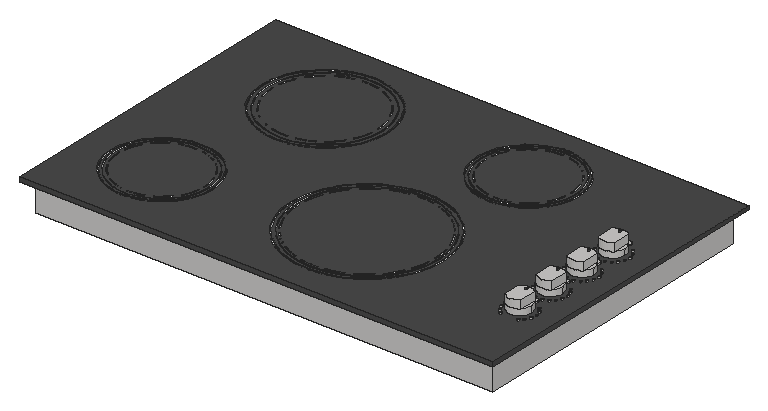
Revit family "QF_Summit_CR4B30MB_Electric Cooktop", category Specialty Equipment, Revit 2020 (continued)
Lines and regions (in)
  symbolic lines
    curve 107: arc (22.37545, -3.62296, 0) -> (22.4959, -4.08605, 0) -> (22.53409, -4.56301, 0) r 2.7448
    curve 108: line (22.53409, -4.56301, 0) -> (22.56534, -4.56301, 0)
    curve 109: arc (22.21003, -3.18381, 0) -> (21.92103, -2.76447, 0) -> (21.56028, -2.40497, 0) r 2.77605
    curve 110: line (21.56028, -2.40497, 0) -> (21.53809, -2.42717, 0)
    curve 111: arc (21.53809, -2.42717, 0) -> (21.89609, -2.78336, 0) -> (22.18278, -3.19911, 0) r 2.7448
    curve 112: line (22.18278, -3.19911, 0) -> (22.21003, -3.18381, 0)
    curve 113: arc (21.19621, -2.14963, 0) -> (20.75798, -1.94121, 0) -> (20.29016, -1.81229, 0) r 2.77605
    curve 114: line (20.29016, -1.81229, 0) -> (20.28452, -1.84303, 0)
    curve 115: arc (20.28452, -1.84303, 0) -> (20.74708, -1.9705, 0) -> (21.18037, -2.17657, 0) r 2.7448
    curve 116: line (21.18037, -2.17657, 0) -> (21.19621, -2.14963, 0)
    curve 117: arc (18.84122, -1.96696, 0) -> (19.32257, -1.83798, 0) -> (19.81931, -1.79816, 0) r 2.7448
    curve 118: line (19.81931, -1.79816, 0) -> (19.81931, -1.76691, 0)
    curve 119: arc (19.81931, -1.76691, 0) -> (19.31709, -1.80721, 0) -> (18.83042, -1.93763, 0) r 2.77605
    curve 120: line (18.83042, -1.93763, 0) -> (18.84122, -1.96696, 0)
    curve 121: arc (17.67754, -2.78947, 0) -> (18.01373, -2.4497, 0) -> (18.40376, -2.1734, 0) r 2.7448
    curve 122: line (18.40376, -2.1734, 0) -> (18.38799, -2.14642, 0)
    curve 123: arc (18.38799, -2.14642, 0) -> (17.99351, -2.42587, 0) -> (17.6535, -2.76951, 0) r 2.77605
    curve 124: line (17.6535, -2.76951, 0) -> (17.67754, -2.78947, 0)
    curve 125: arc (1.85553, -15.48286, 0) -> (5.04303, -12.29536, 0) -> (8.23053, -15.48286, 0) r 3.1875
    curve 126: arc (8.29303, -15.48286, 0) -> (5.04303, -12.23286, 0) -> (1.79303, -15.48286, 0) r 3.25
    curve 127: arc (1.79303, -15.48286, 0) -> (5.04303, -18.73286, 0) -> (8.29303, -15.48286, 0) r 3.25
    curve 128: arc (8.23053, -15.48286, 0) -> (5.04303, -18.67036, 0) -> (1.85553, -15.48286, 0) r 3.1875
    curve 129: arc (2.02385, -15.48286, 0) -> (5.04303, -18.50204, 0) -> (8.06221, -15.48286, 0) r 3.01918
    curve 130: arc (8.06221, -15.48286, 0) -> (5.04303, -12.46368, 0) -> (2.02385, -15.48286, 0) r 3.01918
    curve 131: arc (8.03096, -15.48286, 0) -> (5.04303, -18.47079, 0) -> (2.0551, -15.48286, 0) r 2.98793
    curve 132: arc (2.0551, -15.48286, 0) -> (5.04303, -12.49493, 0) -> (8.03096, -15.48286, 0) r 2.98793
    curve 133: arc (2.93121, -13.72954, 0) -> (3.26739, -13.38976, 0) -> (3.65743, -13.11346, 0) r 2.7448
    curve 134: line (3.65743, -13.11346, 0) -> (3.64165, -13.08649, 0)
    curve 135: arc (3.64165, -13.08649, 0) -> (3.24718, -13.36593, 0) -> (2.90716, -13.70958, 0) r 2.77605
    curve 136: line (2.90716, -13.70958, 0) -> (2.93121, -13.72954, 0)
    curve 137: arc (4.09488, -12.90702, 0) -> (4.57624, -12.77804, 0) -> (5.07297, -12.73822, 0) r 2.7448
    curve 138: line (5.07297, -12.73822, 0) -> (5.07297, -12.70697, 0)
    curve 139: arc (5.07297, -12.70697, 0) -> (4.57075, -12.74728, 0) -> (4.08409, -12.87769, 0) r 2.77605
    curve 140: line (4.08409, -12.87769, 0) -> (4.09488, -12.90702, 0)
    curve 141: arc (5.53819, -12.78309, 0) -> (6.00075, -12.91056, 0) -> (6.43404, -13.11663, 0) r 2.7448
    curve 142: line (6.43404, -13.11663, 0) -> (6.44987, -13.08969, 0)
    curve 143: arc (6.44987, -13.08969, 0) -> (6.01165, -12.88128, 0) -> (5.54383, -12.75235, 0) r 2.77605
    curve 144: line (5.54383, -12.75235, 0) -> (5.53819, -12.78309, 0)
    curve 145: arc (6.79175, -13.36723, 0) -> (7.14976, -13.72342, 0) -> (7.43645, -14.13918, 0) r 2.7448
    curve 146: line (7.43645, -14.13918, 0) -> (7.4637, -14.12388, 0)
    curve 147: arc (7.4637, -14.12388, 0) -> (7.1747, -13.70453, 0) -> (6.81395, -13.34503, 0) r 2.77605
    curve 148: line (6.81395, -13.34503, 0) -> (6.79175, -13.36723, 0)
    curve 149: arc (7.81901, -15.50307, 0) -> (7.78036, -15.0208, 0) -> (7.65856, -14.55255, 0) r 2.77605
    curve 150: line (7.65856, -14.55255, 0) -> (7.62911, -14.56302, 0)
    curve 151: arc (7.62911, -14.56302, 0) -> (7.74956, -15.02611, 0) -> (7.78776, -15.50307, 0) r 2.7448
    curve 152: line (7.78776, -15.50307, 0) -> (7.81901, -15.50307, 0)
    curve 153: arc (7.43908, -16.88479, 0) -> (7.65085, -16.43455, 0) -> (7.77886, -15.95373, 0) r 2.77605
    curve 154: line (7.77886, -15.95373, 0) -> (7.74806, -15.94843, 0)
    curve 155: arc (7.74806, -15.94843, 0) -> (7.6215, -16.42384, 0) -> (7.41211, -16.86901, 0) r 2.7448
    curve 156: line (7.41211, -16.86901, 0) -> (7.43908, -16.88479, 0)
    curve 157: arc (6.43542, -17.88446, 0) -> (6.83025, -17.60708, 0) -> (7.17108, -17.26552, 0) r 2.77605
    curve 158: line (7.17108, -17.26552, 0) -> (7.14889, -17.24334, 0)
    curve 159: arc (7.14889, -17.24334, 0) -> (6.81118, -17.58228, 0) -> (6.41975, -17.85743, 0) r 2.7448
    curve 160: line (6.41975, -17.85743, 0) -> (6.43542, -17.88446, 0)
    curve 161: arc (5.05374, -18.25889, 0) -> (5.53871, -18.2143, 0) -> (6.00842, -18.08565, 0) r 2.77605
    curve 162: line (6.00842, -18.08565, 0) -> (5.99755, -18.05635, 0)
    curve 163: arc (5.99755, -18.05635, 0) -> (5.53319, -18.18354, 0) -> (5.05374, -18.22764, 0) r 2.7448
    curve 164: line (5.05374, -18.22764, 0) -> (5.05374, -18.25889, 0)
    curve 165: arc (3.62091, -17.86698, 0) -> (4.10285, -18.09486, 0) -> (4.61947, -18.22641, 0) r 2.77605
    curve 166: line (4.61947, -18.22641, 0) -> (4.62423, -18.19553, 0)
    curve 167: arc (4.62423, -18.19553, 0) -> (4.11343, -18.06546, 0) -> (3.63692, -17.84015, 0) r 2.7448
    curve 168: line (3.63692, -17.84015, 0) -> (3.62091, -17.86698, 0)
    curve 169: arc (2.62098, -16.83939, 0) -> (2.91281, -17.26293, 0) -> (3.27776, -17.62536, 0) r 2.77605
    curve 170: line (3.27776, -17.62536, 0) -> (3.29996, -17.60316, 0)
    curve 171: arc (3.29996, -17.60316, 0) -> (2.93776, -17.24405, 0) -> (2.64825, -16.82412, 0) r 2.7448
    curve 172: line (2.64825, -16.82412, 0) -> (2.62098, -16.83939, 0)
    curve 173: arc (2.46544, -16.42624, 0) -> (2.3373, -15.94435, 0) -> (2.29846, -15.44722, 0) r 2.7448
    curve 174: line (2.29846, -15.44722, 0) -> (2.2672, -15.44722, 0)
    curve 175: arc (2.2672, -15.44722, 0) -> (2.30653, -15.9498, 0) -> (2.43609, -16.43698, 0) r 2.77605
    curve 176: line (2.43609, -16.43698, 0) -> (2.46544, -16.42624, 0)
    curve 177: arc (2.33765, -15.01931, 0) -> (2.46549, -14.53933, 0) -> (2.67775, -14.09024, 0) r 2.7448
    curve 178: line (2.67775, -14.09024, 0) -> (2.65082, -14.07439, 0)
    curve 179: arc (2.65082, -14.07439, 0) -> (2.43615, -14.52858, 0) -> (2.30685, -15.01403, 0) r 2.77605
    curve 180: line (2.30685, -15.01403, 0) -> (2.33765, -15.01931, 0)
    curve 181: arc (21.88358, -13.98335, 0) -> (17.00858, -9.10835, 0) -> (12.13358, -13.98335, 0) r 4.875
    curve 182: arc (12.13358, -13.98335, 0) -> (17.00858, -18.85835, 0) -> (21.88358, -13.98335, 0) r 4.875
    curve 183: arc (12.19608, -13.98335, 0) -> (17.00858, -9.17085, 0) -> (21.82108, -13.98335, 0) r 4.8125
    curve 184: arc (21.82108, -13.98335, 0) -> (17.00858, -18.79585, 0) -> (12.19608, -13.98335, 0) r 4.8125
    curve 185: arc (21.61174, -13.98335, 0) -> (17.00858, -9.38019, 0) -> (12.40541, -13.98335, 0) r 4.60317
    curve 186: arc (12.40541, -13.98335, 0) -> (17.00858, -18.58652, 0) -> (21.61174, -13.98335, 0) r 4.60317
    curve 187: arc (12.43666, -13.98335, 0) -> (17.00858, -9.41144, 0) -> (21.58049, -13.98335, 0) r 4.57192
    curve 188: arc (21.58049, -13.98335, 0) -> (17.00858, -18.55527, 0) -> (12.43666, -13.98335, 0) r 4.57192
    curve 189: arc (12.65949, -13.49166, 0) -> (12.75282, -12.9612, 0) -> (12.91059, -12.44622, 0) r 4.37679
    curve 190: line (12.91059, -12.44622, 0) -> (12.88133, -12.43524, 0)
    curve 191: arc (12.88133, -12.43524, 0) -> (12.72243, -12.9539, 0) -> (12.62844, -13.48815, 0) r 4.40804
    curve 192: line (12.62844, -13.48815, 0) -> (12.65949, -13.49166, 0)
    curve 193: arc (13.08619, -12.04139, 0) -> (13.34942, -11.58192, 0) -> (13.66621, -11.1576, 0) r 4.37679
    curve 194: line (13.66621, -11.1576, 0) -> (13.64235, -11.13742, 0)
    curve 195: arc (13.64235, -11.13742, 0) -> (13.3233, -11.56477, 0) -> (13.05819, -12.02753, 0) r 4.40804
    curve 196: line (13.05819, -12.02753, 0) -> (13.08619, -12.04139, 0)
    curve 197: arc (13.99471, -10.80957, 0) -> (14.3905, -10.47594, 0) -> (14.82292, -10.19136, 0) r 4.37679
    curve 198: line (14.82292, -10.19136, 0) -> (14.80731, -10.16429, 0)
    curve 199: arc (14.80731, -10.16429, 0) -> (14.37148, -10.45113, 0) -> (13.9726, -10.78747, 0) r 4.40804
    curve 200: line (13.9726, -10.78747, 0) -> (13.99471, -10.80957, 0)
    curve 201: arc (15.25755, -9.9721, 0) -> (15.75646, -9.78949, 0) -> (16.27382, -9.66868, 0) r 4.37679
    curve 202: line (16.27382, -9.66868, 0) -> (16.26857, -9.63787, 0)
    curve 203: arc (16.26857, -9.63787, 0) -> (15.74752, -9.75955, 0) -> (15.24504, -9.94346, 0) r 4.40804
    curve 204: line (15.24504, -9.94346, 0) -> (15.25755, -9.9721, 0)
    curve 205: arc (16.73762, -9.61496, 0) -> (17.2659, -9.61413, 0) -> (17.79043, -9.67696, 0) r 4.37679
    curve 206: line (17.79043, -9.67696, 0) -> (17.79602, -9.64621, 0)
    curve 207: arc (17.79602, -9.64621, 0) -> (17.26774, -9.58294, 0) -> (16.73568, -9.58377, 0) r 4.40804
    curve 208: line (16.73568, -9.58377, 0) -> (16.73762, -9.61496, 0)
    curve 209: arc (18.24234, -9.78405, 0) -> (18.75219, -9.96887, 0) -> (19.23528, -10.21532, 0) r 4.37679
    curve 210: line (19.23528, -10.21532, 0) -> (19.25118, -10.18841, 0)
    curve 211: arc (19.25118, -10.18841, 0) -> (18.76464, -9.9402, 0) -> (18.25115, -9.75407, 0) r 4.40804
    curve 212: line (18.25115, -9.75407, 0) -> (18.24234, -9.78405, 0)
    curve 213: arc (19.57105, -10.43511, 0) -> (19.99854, -10.78703, 0) -> (20.37817, -11.19012, 0) r 4.37679
    curve 214: line (20.37817, -11.19012, 0) -> (20.40222, -11.17017, 0)
    curve 215: arc (20.40222, -11.17017, 0) -> (20.02172, -10.76593, 0) -> (19.59343, -10.41273, 0) r 4.40804
    curve 216: line (19.59343, -10.41273, 0) -> (19.57105, -10.43511, 0)
    curve 217: arc (20.6498, -11.55481, 0) -> (20.91901, -12.01744, 0) -> (21.12973, -12.50946, 0) r 4.37679
    curve 218: line (21.12973, -12.50946, 0) -> (21.15916, -12.49894, 0)
    curve 219: arc (21.15916, -12.49894, 0) -> (20.94693, -12.0034, 0) -> (20.6758, -11.53747, 0) r 4.40804
    curve 220: line (20.6758, -11.53747, 0) -> (20.6498, -11.55481, 0)
    curve 221: arc (21.26865, -12.97933, 0) -> (21.35697, -13.4856, 0) -> (21.38534, -13.99873, 0) r 4.37679
    curve 222: line (21.38534, -13.99873, 0) -> (21.41659, -13.99873, 0)
    curve 223: arc (21.41659, -13.99873, 0) -> (21.38801, -13.48199, 0) -> (21.29907, -12.97216, 0) r 4.40804
    curve 224: line (21.29907, -12.97216, 0) -> (21.26865, -12.97933, 0)
    curve 225: arc (21.35582, -14.49106, 0) -> (21.26553, -15.00054, 0) -> (21.11574, -15.49579, 0) r 4.37679
    curve 226: line (21.11574, -15.49579, 0) -> (21.14507, -15.50659, 0)
    curve 227: arc (21.14507, -15.50659, 0) -> (21.29592, -15.0078, 0) -> (21.38686, -14.49469, 0) r 4.40804
    curve 228: line (21.38686, -14.49469, 0) -> (21.35582, -14.49106, 0)
    curve 229: arc (20.36799, -16.83733, 0) -> (20.69281, -16.40352, 0) -> (20.96195, -15.93314, 0) r 4.40804
    curve 230: line (20.96195, -15.93314, 0) -> (20.93393, -15.91931, 0)
    curve 231: arc (20.93393, -15.91931, 0) -> (20.66739, -16.3853, 0) -> (20.34582, -16.81516, 0) r 4.37679
    curve 232: line (20.34582, -16.81516, 0) -> (20.36799, -16.83733, 0)
    curve 233: arc (19.20341, -17.80612, 0) -> (19.64305, -17.51753, 0) -> (20.0452, -17.17863, 0) r 4.40804
    curve 234: line (20.0452, -17.17863, 0) -> (20.02309, -17.15652, 0)
    curve 235: arc (20.02309, -17.15652, 0) -> (19.62405, -17.49271, 0) -> (19.18785, -17.77902, 0) r 4.37679
    curve 236: line (19.18785, -17.77902, 0) -> (19.20341, -17.80612, 0)
    curve 237: arc (17.77534, -18.32419, 0) -> (18.29216, -18.20037, 0) -> (18.79033, -18.01525, 0) r 4.40804
    curve 238: line (18.79033, -18.01525, 0) -> (18.7777, -17.98666, 0)
    curve 239: arc (18.7777, -17.98666, 0) -> (18.28306, -18.17047, 0) -> (17.7699, -18.29342, 0) r 4.37679
    curve 240: line (17.7699, -18.29342, 0) -> (17.77534, -18.32419, 0)
    curve 241: arc (16.24245, -18.3243, 0) -> (16.78325, -18.38563, 0) -> (17.32749, -18.37984, 0) r 4.40804
    curve 242: line (17.32749, -18.37984, 0) -> (17.32749, -18.34851, 0)
    curve 243: arc (17.32749, -18.34851, 0) -> (16.78598, -18.35448, 0) -> (16.24788, -18.29353, 0) r 4.37679
    curve 244: line (16.24788, -18.29353, 0) -> (16.24245, -18.3243, 0)
    curve 245: arc (14.82506, -17.81259, 0) -> (15.30018, -18.04687, 0) -> (15.79998, -18.22247, 0) r 4.40804
    curve 246: line (15.79998, -18.22247, 0) -> (15.80855, -18.19242, 0)
    curve 247: arc (15.80855, -18.19242, 0) -> (15.31229, -18.01807, 0) -> (14.84054, -17.78544, 0) r 4.37679
    curve 248: line (14.84054, -17.78544, 0) -> (14.82506, -17.81259, 0)
    curve 249: arc (13.63917, -16.82551, 0) -> (14.01385, -17.21792, 0) -> (14.43391, -17.56133, 0) r 4.40804
    curve 250: line (14.43391, -17.56133, 0) -> (14.45217, -17.53597, 0)
    curve 251: arc (14.45217, -17.53597, 0) -> (14.03411, -17.19409, 0) -> (13.66134, -16.80334, 0) r 4.37679
    curve 252: line (13.66134, -16.80334, 0) -> (13.63917, -16.82551, 0)
    curve 253: arc (12.86179, -15.47835, 0) -> (13.07741, -15.97752, 0) -> (13.35284, -16.44636, 0) r 4.40804
    curve 254: line (13.35284, -16.44636, 0) -> (13.37876, -16.4289, 0)
    curve 255: arc (13.37876, -16.4289, 0) -> (13.10528, -15.96339, 0) -> (12.89119, -15.46775, 0) r 4.37679
    curve 256: line (12.89119, -15.46775, 0) -> (12.86179, -15.47835, 0)
    curve 257: arc (12.60063, -13.95471, 0) -> (12.63128, -14.50307, 0) -> (12.72989, -15.04337, 0) r 4.40804
    curve 258: line (12.72989, -15.04337, 0) -> (12.76022, -15.03585, 0)
    curve 259: arc (12.76022, -15.03585, 0) -> (12.6623, -14.49929, 0) -> (12.63188, -13.95471, 0) r 4.37679
    curve 260: line (12.63188, -13.95471, 0) -> (12.60063, -13.95471, 0)
    curve 261: arc (27.26066, -7.26829, 0) -> (27.32417, -7.3318, 0) -> (27.38768, -7.26829, 0) r 0.06351
    curve 262: arc (27.38768, -7.26829, 0) -> (27.32417, -7.20478, 0) -> (27.26066, -7.26829, 0) r 0.06351
    curve 263: arc (27.05247, -7.53202, 0) -> (27.11598, -7.59553, 0) -> (27.17949, -7.53202, 0) r 0.06351
    curve 264: arc (27.17949, -7.53202, 0) -> (27.11598, -7.46851, 0) -> (27.05247, -7.53202, 0) r 0.06351
    curve 265: arc (27.04844, -7.897, 0) -> (26.98493, -7.83349, 0) -> (26.92142, -7.897, 0) r 0.06351
    curve 266: arc (26.92142, -7.897, 0) -> (26.98493, -7.96051, 0) -> (27.04844, -7.897, 0) r 0.06351
    curve 267: arc (26.9808, -8.27189, 0) -> (27.04431, -8.3354, 0) -> (27.10782, -8.27189, 0) r 0.06351
    curve 268: arc (27.10782, -8.27189, 0) -> (27.04431, -8.20838, 0) -> (26.9808, -8.27189, 0) r 0.06351
    curve 269: arc (27.27251, -8.60957, 0) -> (27.209, -8.54606, 0) -> (27.14549, -8.60957, 0) r 0.06351
    curve 270: arc (27.14549, -8.60957, 0) -> (27.209, -8.67308, 0) -> (27.27251, -8.60957, 0) r 0.06351
    curve 271: arc (27.3658, -8.82988, 0) -> (27.42931, -8.89339, 0) -> (27.49282, -8.82988, 0) r 0.06351
    curve 272: arc (27.49282, -8.82988, 0) -> (27.42931, -8.76637, 0) -> (27.3658, -8.82988, 0) r 0.06351
    curve 273: arc (27.70483, -8.97501, 0) -> (27.76834, -9.03853, 0) -> (27.83185, -8.97501, 0) r 0.06351
    curve 274: arc (27.83185, -8.97501, 0) -> (27.76834, -8.9115, 0) -> (27.70483, -8.97501, 0) r 0.06351
    curve 275: arc (28.16843, -8.97501, 0) -> (28.23194, -9.03853, 0) -> (28.29545, -8.97501, 0) r 0.06351
    curve 276: arc (28.29545, -8.97501, 0) -> (28.23194, -8.9115, 0) -> (28.16843, -8.97501, 0) r 0.06351
    curve 277: arc (28.50747, -8.82988, 0) -> (28.57098, -8.89339, 0) -> (28.63449, -8.82988, 0) r 0.06351
    curve 278: arc (28.63449, -8.82988, 0) -> (28.57098, -8.76637, 0) -> (28.50747, -8.82988, 0) r 0.06351
    curve 279: arc (28.72778, -8.60957, 0) -> (28.79129, -8.67308, 0) -> (28.8548, -8.60957, 0) r 0.06351
    curve 280: arc (28.8548, -8.60957, 0) -> (28.79129, -8.54606, 0) -> (28.72778, -8.60957, 0) r 0.06351
    curve 281: arc (28.89247, -8.27189, 0) -> (28.95598, -8.3354, 0) -> (29.01949, -8.27189, 0) r 0.06351
    curve 282: arc (29.01949, -8.27189, 0) -> (28.95598, -8.20838, 0) -> (28.89247, -8.27189, 0) r 0.06351
    curve 283: arc (28.95185, -7.897, 0) -> (29.01536, -7.96051, 0) -> (29.07887, -7.897, 0) r 0.06351
    curve 284: arc (29.07887, -7.897, 0) -> (29.01536, -7.83349, 0) -> (28.95185, -7.897, 0) r 0.06351
    curve 285: arc (28.94781, -7.53202, 0) -> (28.8843, -7.46851, 0) -> (28.82079, -7.53202, 0) r 0.06351
    curve 286: arc (28.82079, -7.53202, 0) -> (28.8843, -7.59553, 0) -> (28.94781, -7.53202, 0) r 0.06351
    curve 287: arc (28.61261, -7.26829, 0) -> (28.67612, -7.3318, 0) -> (28.73963, -7.26829, 0) r 0.06351
    curve 288: arc (28.73963, -7.26829, 0) -> (28.67612, -7.20478, 0) -> (28.61261, -7.26829, 0) r 0.06351
    curve 289: arc (28.74869, -7.95853, 0) -> (27.997, -7.25529, 0) -> (27.25124, -7.96482, 0) r 0.75
    curve 290: line (27.48037, -7.46459, 0) -> (27.48037, -8.54596, 0)
    curve 291: arc (27.25124, -7.96482, 0) -> (28.00329, -8.75527, 0) -> (28.74869, -7.95853, 0) r 0.75
    curve 292: line (28.51991, -8.54596, 0) -> (28.51991, -7.46459, 0)
    curve 293: arc (27.93663, -7.45059, 0) -> (28.00014, -7.5141, 0) -> (28.06365, -7.45059, 0) r 0.06351
    curve 294: arc (28.06365, -7.45059, 0) -> (28.00014, -7.38708, 0) -> (27.93663, -7.45059, 0) r 0.06351
    curve 295: arc (27.81227, -6.78488, 0) -> (28.00014, -6.97275, 0) -> (28.18801, -6.78488, 0) r 0.18787
    curve 296: arc (28.18801, -6.78488, 0) -> (28.00014, -6.59701, 0) -> (27.81227, -6.78488, 0) r 0.18787
    curve 297: arc (27.81227, -9.28488, 0) -> (28.00014, -9.47275, 0) -> (28.18801, -9.28488, 0) r 0.18787
    curve 298: arc (28.18801, -9.28488, 0) -> (28.00014, -9.09701, 0) -> (27.81227, -9.28488, 0) r 0.18787
    curve 299: arc (27.26066, -9.76829, 0) -> (27.32417, -9.8318, 0) -> (27.38768, -9.76829, 0) r 0.06351
    curve 300: arc (27.38768, -9.76829, 0) -> (27.32417, -9.70478, 0) -> (27.26066, -9.76829, 0) r 0.06351
    curve 301: arc (27.05247, -10.03202, 0) -> (27.11598, -10.09553, 0) -> (27.17949, -10.03202, 0) r 0.06351
    curve 302: arc (27.17949, -10.03202, 0) -> (27.11598, -9.96851, 0) -> (27.05247, -10.03202, 0) r 0.06351
    curve 303: arc (26.92142, -10.397, 0) -> (26.98493, -10.46051, 0) -> (27.04844, -10.397, 0) r 0.06351
    curve 304: arc (27.04844, -10.397, 0) -> (26.98493, -10.33349, 0) -> (26.92142, -10.397, 0) r 0.06351
    curve 305: arc (26.9808, -10.77189, 0) -> (27.04431, -10.8354, 0) -> (27.10782, -10.77189, 0) r 0.06351
    curve 306: arc (27.10782, -10.77189, 0) -> (27.04431, -10.70838, 0) -> (26.9808, -10.77189, 0) r 0.06351
    curve 307: arc (27.14549, -11.10957, 0) -> (27.209, -11.17308, 0) -> (27.27251, -11.10957, 0) r 0.06351
    curve 308: arc (27.27251, -11.10957, 0) -> (27.209, -11.04606, 0) -> (27.14549, -11.10957, 0) r 0.06351
    curve 309: arc (27.3658, -11.32988, 0) -> (27.42931, -11.39339, 0) -> (27.49282, -11.32988, 0) r 0.06351
    curve 310: arc (27.49282, -11.32988, 0) -> (27.42931, -11.26637, 0) -> (27.3658, -11.32988, 0) r 0.06351
    curve 311: arc (27.70483, -11.47501, 0) -> (27.76834, -11.53853, 0) -> (27.83185, -11.47501, 0) r 0.06351
    curve 312: arc (27.83185, -11.47501, 0) -> (27.76834, -11.4115, 0) -> (27.70483, -11.47501, 0) r 0.06351
    curve 313: arc (28.16843, -11.47501, 0) -> (28.23194, -11.53853, 0) -> (28.29545, -11.47501, 0) r 0.06351
    curve 314: arc (28.29545, -11.47501, 0) -> (28.23194, -11.4115, 0) -> (28.16843, -11.47501, 0) r 0.06351
    curve 315: arc (28.50747, -11.32988, 0) -> (28.57098, -11.39339, 0) -> (28.63449, -11.32988, 0) r 0.06351
    curve 316: arc (28.63449, -11.32988, 0) -> (28.57098, -11.26637, 0) -> (28.50747, -11.32988, 0) r 0.06351
    curve 317: arc (28.72778, -11.10957, 0) -> (28.79129, -11.17308, 0) -> (28.8548, -11.10957, 0) r 0.06351
    curve 318: arc (28.8548, -11.10957, 0) -> (28.79129, -11.04606, 0) -> (28.72778, -11.10957, 0) r 0.06351
    curve 319: arc (28.89247, -10.77189, 0) -> (28.95598, -10.8354, 0) -> (29.01949, -10.77189, 0) r 0.06351
    curve 320: arc (29.01949, -10.77189, 0) -> (28.95598, -10.70838, 0) -> (28.89247, -10.77189, 0) r 0.06351
    curve 321: arc (28.95185, -10.397, 0) -> (29.01536, -10.46051, 0) -> (29.07887, -10.397, 0) r 0.06351
    curve 322: arc (29.07887, -10.397, 0) -> (29.01536, -10.33349, 0) -> (28.95185, -10.397, 0) r 0.06351
    curve 323: arc (28.82079, -10.03202, 0) -> (28.8843, -10.09553, 0) -> (28.94781, -10.03202, 0) r 0.06351
    curve 324: arc (28.94781, -10.03202, 0) -> (28.8843, -9.96851, 0) -> (28.82079, -10.03202, 0) r 0.06351
    curve 325: arc (28.61261, -9.76829, 0) -> (28.67612, -9.8318, 0) -> (28.73963, -9.76829, 0) r 0.06351
    curve 326: arc (28.73963, -9.76829, 0) -> (28.67612, -9.70478, 0) -> (28.61261, -9.76829, 0) r 0.06351
    curve 327: arc (27.93663, -9.95059, 0) -> (28.00014, -10.0141, 0) -> (28.06365, -9.95059, 0) r 0.06351
    curve 328: arc (28.06365, -9.95059, 0) -> (28.00014, -9.88708, 0) -> (27.93663, -9.95059, 0) r 0.06351
    curve 329: arc (27.25014, -10.50528, 0) -> (28.00014, -11.25528, 0) -> (28.75014, -10.50528, 0) r 0.75
    curve 330: arc (28.75014, -10.50528, 0) -> (28.00014, -9.75528, 0) -> (27.25014, -10.50528, 0) r 0.75
    curve 331: line (28.51991, -11.04596, 0) -> (28.51991, -9.96459, 0)
    curve 332: line (27.48037, -9.96459, 0) -> (27.48037, -11.04596, 0)
    curve 333: arc (27.26066, -12.26829, 0) -> (27.32417, -12.3318, 0) -> (27.38768, -12.26829, 0) r 0.06351
    curve 334: arc (27.38768, -12.26829, 0) -> (27.32417, -12.20478, 0) -> (27.26066, -12.26829, 0) r 0.06351
    curve 335: arc (27.05247, -12.53202, 0) -> (27.11598, -12.59553, 0) -> (27.17949, -12.53202, 0) r 0.06351
    curve 336: arc (27.17949, -12.53202, 0) -> (27.11598, -12.46851, 0) -> (27.05247, -12.53202, 0) r 0.06351
    curve 337: arc (26.92142, -12.897, 0) -> (26.98493, -12.96051, 0) -> (27.04844, -12.897, 0) r 0.06351
    curve 338: arc (27.04844, -12.897, 0) -> (26.98493, -12.83349, 0) -> (26.92142, -12.897, 0) r 0.06351
    curve 339: arc (26.9808, -13.27189, 0) -> (27.04431, -13.3354, 0) -> (27.10782, -13.27189, 0) r 0.06351
    curve 340: arc (27.10782, -13.27189, 0) -> (27.04431, -13.20838, 0) -> (26.9808, -13.27189, 0) r 0.06351
    curve 341: arc (27.14549, -13.60957, 0) -> (27.209, -13.67308, 0) -> (27.27251, -13.60957, 0) r 0.06351
    curve 342: arc (27.27251, -13.60957, 0) -> (27.209, -13.54606, 0) -> (27.14549, -13.60957, 0) r 0.06351
    curve 343: arc (27.3658, -13.82988, 0) -> (27.42931, -13.89339, 0) -> (27.49282, -13.82988, 0) r 0.06351
    curve 344: arc (27.49282, -13.82988, 0) -> (27.42931, -13.76637, 0) -> (27.3658, -13.82988, 0) r 0.06351
    curve 345: arc (27.70483, -13.97501, 0) -> (27.76834, -14.03853, 0) -> (27.83185, -13.97501, 0) r 0.06351
    curve 346: arc (27.83185, -13.97501, 0) -> (27.76834, -13.9115, 0) -> (27.70483, -13.97501, 0) r 0.06351
    curve 347: arc (28.16843, -13.97501, 0) -> (28.23194, -14.03853, 0) -> (28.29545, -13.97501, 0) r 0.06351
    curve 348: arc (28.29545, -13.97501, 0) -> (28.23194, -13.9115, 0) -> (28.16843, -13.97501, 0) r 0.06351
    curve 349: arc (28.50747, -13.82988, 0) -> (28.57098, -13.89339, 0) -> (28.63449, -13.82988, 0) r 0.06351
    curve 350: arc (28.63449, -13.82988, 0) -> (28.57098, -13.76637, 0) -> (28.50747, -13.82988, 0) r 0.06351
    curve 351: arc (28.72778, -13.60957, 0) -> (28.79129, -13.67308, 0) -> (28.8548, -13.60957, 0) r 0.06351
    curve 352: arc (28.8548, -13.60957, 0) -> (28.79129, -13.54606, 0) -> (28.72778, -13.60957, 0) r 0.06351
    curve 353: arc (28.89247, -13.27189, 0) -> (28.95598, -13.3354, 0) -> (29.01949, -13.27189, 0) r 0.06351
    curve 354: arc (29.01949, -13.27189, 0) -> (28.95598, -13.20838, 0) -> (28.89247, -13.27189, 0) r 0.06351
    curve 355: arc (28.95185, -12.897, 0) -> (29.01536, -12.96051, 0) -> (29.07887, -12.897, 0) r 0.06351
    curve 356: arc (29.07887, -12.897, 0) -> (29.01536, -12.83349, 0) -> (28.95185, -12.897, 0) r 0.06351
    curve 357: arc (28.82079, -12.53202, 0) -> (28.8843, -12.59553, 0) -> (28.94781, -12.53202, 0) r 0.06351
    curve 358: arc (28.94781, -12.53202, 0) -> (28.8843, -12.46851, 0) -> (28.82079, -12.53202, 0) r 0.06351
    curve 359: arc (28.61261, -12.26829, 0) -> (28.67612, -12.3318, 0) -> (28.73963, -12.26829, 0) r 0.06351
    curve 360: arc (28.73963, -12.26829, 0) -> (28.67612, -12.20478, 0) -> (28.61261, -12.26829, 0) r 0.06351
    curve 361: arc (27.93663, -12.45059, 0) -> (28.00014, -12.5141, 0) -> (28.06365, -12.45059, 0) r 0.06351
    curve 362: arc (28.06365, -12.45059, 0) -> (28.00014, -12.38708, 0) -> (27.93663, -12.45059, 0) r 0.06351
    curve 363: arc (27.25014, -13.00528, 0) -> (28.00014, -13.75528, 0) -> (28.75014, -13.00528, 0) r 0.75
    curve 364: arc (28.75014, -13.00528, 0) -> (28.00014, -12.25528, 0) -> (27.25014, -13.00528, 0) r 0.75
    curve 365: line (28.51991, -13.54596, 0) -> (28.51991, -12.46459, 0)
    curve 366: line (27.48037, -12.46459, 0) -> (27.48037, -13.54596, 0)
    curve 367: arc (27.26066, -14.76829, 0) -> (27.32417, -14.8318, 0) -> (27.38768, -14.76829, 0) r 0.06351
    curve 368: arc (27.38768, -14.76829, 0) -> (27.32417, -14.70478, 0) -> (27.26066, -14.76829, 0) r 0.06351
    curve 369: arc (27.05247, -15.03202, 0) -> (27.11598, -15.09553, 0) -> (27.17949, -15.03202, 0) r 0.06351
    curve 370: arc (27.17949, -15.03202, 0) -> (27.11598, -14.96851, 0) -> (27.05247, -15.03202, 0) r 0.06351
    curve 371: arc (26.92142, -15.397, 0) -> (26.98493, -15.46051, 0) -> (27.04844, -15.397, 0) r 0.06351
    curve 372: arc (27.04844, -15.397, 0) -> (26.98493, -15.33349, 0) -> (26.92142, -15.397, 0) r 0.06351
    curve 373: arc (26.9808, -15.77189, 0) -> (27.04431, -15.8354, 0) -> (27.10782, -15.77189, 0) r 0.06351
    curve 374: arc (27.10782, -15.77189, 0) -> (27.04431, -15.70838, 0) -> (26.9808, -15.77189, 0) r 0.06351
    curve 375: arc (27.14549, -16.10957, 0) -> (27.209, -16.17308, 0) -> (27.27251, -16.10957, 0) r 0.06351
    curve 376: arc (27.27251, -16.10957, 0) -> (27.209, -16.04606, 0) -> (27.14549, -16.10957, 0) r 0.06351
    curve 377: arc (27.3658, -16.32988, 0) -> (27.42931, -16.39339, 0) -> (27.49282, -16.32988, 0) r 0.06351
    curve 378: arc (27.49282, -16.32988, 0) -> (27.42931, -16.26637, 0) -> (27.3658, -16.32988, 0) r 0.06351
    curve 379: arc (28.50747, -16.32988, 0) -> (28.57098, -16.39339, 0) -> (28.63449, -16.32988, 0) r 0.06351
    curve 380: arc (28.63449, -16.32988, 0) -> (28.57098, -16.26637, 0) -> (28.50747, -16.32988, 0) r 0.06351
    curve 381: arc (28.72778, -16.10957, 0) -> (28.79129, -16.17308, 0) -> (28.8548, -16.10957, 0) r 0.06351
    curve 382: arc (28.8548, -16.10957, 0) -> (28.79129, -16.04606, 0) -> (28.72778, -16.10957, 0) r 0.06351
    curve 383: arc (28.89247, -15.77189, 0) -> (28.95598, -15.8354, 0) -> (29.01949, -15.77189, 0) r 0.06351
    curve 384: arc (29.01949, -15.77189, 0) -> (28.95598, -15.70838, 0) -> (28.89247, -15.77189, 0) r 0.06351
    curve 385: arc (28.95185, -15.397, 0) -> (29.01536, -15.46051, 0) -> (29.07887, -15.397, 0) r 0.06351
    curve 386: arc (29.07887, -15.397, 0) -> (29.01536, -15.33349, 0) -> (28.95185, -15.397, 0) r 0.06351
    curve 387: arc (28.82079, -15.03202, 0) -> (28.8843, -15.09553, 0) -> (28.94781, -15.03202, 0) r 0.06351
    curve 388: arc (28.94781, -15.03202, 0) -> (28.8843, -14.96851, 0) -> (28.82079, -15.03202, 0) r 0.06351
    curve 389: arc (28.61261, -14.76829, 0) -> (28.67612, -14.8318, 0) -> (28.73963, -14.76829, 0) r 0.06351
    curve 390: arc (28.73963, -14.76829, 0) -> (28.67612, -14.70478, 0) -> (28.61261, -14.76829, 0) r 0.06351
    curve 391: arc (27.93663, -14.95059, 0) -> (28.00014, -15.0141, 0) -> (28.06365, -14.95059, 0) r 0.06351
    curve 392: arc (28.06365, -14.95059, 0) -> (28.00014, -14.88708, 0) -> (27.93663, -14.95059, 0) r 0.06351
    curve 393: arc (27.25014, -15.50528, 0) -> (28.00014, -16.25528, 0) -> (28.75014, -15.50528, 0) r 0.75
    curve 394: arc (28.75014, -15.50528, 0) -> (28.00014, -14.75528, 0) -> (27.25014, -15.50528, 0) r 0.75
    curve 395: line (28.51991, -16.04596, 0) -> (28.51991, -14.96459, 0)
    curve 396: line (27.48037, -14.96459, 0) -> (27.48037, -16.04596, 0)
    curve 397: arc (28.18801, -11.78488, 0) -> (28.00014, -11.59701, 0) -> (27.81227, -11.78488, 0) r 0.18787
    curve 398: arc (27.81227, -11.78488, 0) -> (28.00014, -11.97275, 0) -> (28.18801, -11.78488, 0) r 0.18787
    curve 399: arc (27.81227, -14.28488, 0) -> (28.00014, -14.47275, 0) -> (28.18801, -14.28488, 0) r 0.18787
    curve 400: arc (28.18801, -14.28488, 0) -> (28.00014, -14.09701, 0) -> (27.81227, -14.28488, 0) r 0.18787
Dimensions and locks (in)
  equal spacing: plane 3 "LEFT", plane 7 "Center Y", plane 4 "RIGHT"
  "Length": plane 3 "LEFT" to plane 4 "RIGHT"
  equal spacing: plane 5 "FRONT", plane 8 "Center X", plane 1 "BACK"
  "Depth": plane 5 "FRONT" to plane 1 "BACK"
  "Height": plane 6 "TOP" to level
  locked: plane 9 to plane 6 "TOP" at 1
  plane 11 to plane 10 = 19 1/4"
  plane 12 to plane 13 = 29 1/4"  (x2)
  plane 6 "TOP" to plane 14 = 1/4"
  plane 14 to plane 2 = 1.88"
  plane 12 to plane 3 "LEFT" = 1/2"
  plane 4 "RIGHT" to plane 13 = 1/2"
  plane 4 "RIGHT" to plane 3 "LEFT" = 30 1/4"
  locked: plane 2 to plane 17 at 1
  aligned and locked: level to plane 2
Automatic sketch dimensions
  Extrusion 1 sketch curve to Extrusion 1 sketch curve = 0"  (x4064)
  plane 1 "BACK" to Extrusion 1 sketch curve = 0"
  Extrusion 1 sketch curve to plane 4 "RIGHT" = 0"
  Extrusion 1 sketch curve to plane 3 "LEFT" = 0"
  plane 5 "FRONT" to Extrusion 1 sketch curve = 0"
  Extrusion 1 sketch curve to plane 13 = 7.18466"
  Extrusion 1 sketch curve to Extrusion 1 sketch curve = 1/32"  (x9)
  Extrusion 1 sketch curve to Extrusion 1 sketch curve = 0.0089"  (x2)
  Extrusion 1 sketch curve to Extrusion 1 sketch curve = 0.0308"  (x4)
  Extrusion 1 sketch curve to plane 11 = 2.98749"
  Extrusion 1 sketch curve to Extrusion 1 sketch curve = 0.1292"  (x2)
  Extrusion 1 sketch curve to plane 11 = 2.99796"
  Extrusion 1 sketch curve to Extrusion 1 sketch curve = 0.02944"  (x2)
  Extrusion 1 sketch curve to Extrusion 1 sketch curve = 0.16542"  (x2)
  plane 8 "Center X" to Extrusion 1 sketch curve = 4.30527"
  Extrusion 1 sketch curve to Extrusion 1 sketch curve = 0.30898"  (x2)
  Extrusion 1 sketch curve to plane 11 = 2.57411"
  Extrusion 1 sketch curve to Extrusion 1 sketch curve = 0.02725"  (x2)
  plane 8 "Center X" to Extrusion 1 sketch curve = 4.32105"
  Extrusion 1 sketch curve to Extrusion 1 sketch curve = 0.02697"  (x2)
  Extrusion 1 sketch curve to Extrusion 1 sketch curve = 0.24103"  (x2)
  Extrusion 1 sketch curve to Extrusion 1 sketch curve = 0.02218"  (x5)
  Extrusion 1 sketch curve to plane 11 = 1.77997"
  Extrusion 1 sketch curve to Extrusion 1 sketch curve = 0.6225"  (x2)
  Extrusion 1 sketch curve to plane 11 = 1.80217"
  Extrusion 1 sketch curve to Extrusion 1 sketch curve = 0.0222"  (x4)
  plane 7 "Center Y" to Extrusion 1 sketch curve = 6.29159"
  Extrusion 1 sketch curve to Extrusion 1 sketch curve = 0.02973"
  Extrusion 1 sketch curve to Extrusion 1 sketch curve = 0.03104"
  Extrusion 1 sketch curve to plane 8 "Center X" = 2.72216"
  Extrusion 1 sketch curve to Extrusion 1 sketch curve = 0.08627"
  Extrusion 1 sketch curve to plane 8 "Center X" = 2.72933"
  Extrusion 1 sketch curve to plane 11 = 1.52463"
  Extrusion 1 sketch curve to Extrusion 1 sketch curve = 0.34188"  (x2)
  Extrusion 1 sketch curve to Extrusion 1 sketch curve = 0.71347"  (x2)
  Extrusion 1 sketch curve to plane 11 = 1.55157"
  Extrusion 1 sketch curve to Extrusion 1 sketch curve = 0.01584"  (x2)
  Extrusion 1 sketch curve to Extrusion 1 sketch curve = 0.01567"
  Extrusion 1 sketch curve to Extrusion 1 sketch curve = 0.10949"
  Extrusion 1 sketch curve to plane 10 = 4.36841"
  Extrusion 1 sketch curve to Extrusion 1 sketch curve = 0.21075"
  Extrusion 1 sketch curve to Extrusion 1 sketch curve = 0.02942"
  Extrusion 1 sketch curve to plane 10 = 4.37921"
  Extrusion 1 sketch curve to Extrusion 1 sketch curve = 0.02932"
  Extrusion 1 sketch curve to Extrusion 1 sketch curve = 0.15379"
  Extrusion 1 sketch curve to Extrusion 1 sketch curve = 0.02803"
  Extrusion 1 sketch curve to Extrusion 1 sketch curve = 0.41133"  (x2)
  Extrusion 1 sketch curve to Extrusion 1 sketch curve = 0.01087"  (x2)
  Extrusion 1 sketch curve to plane 8 "Center X" = 1.28747"
  Extrusion 1 sketch curve to Extrusion 1 sketch curve = 0.45394"
  Extrusion 1 sketch curve to plane 8 "Center X" = 1.30481"
  Extrusion 1 sketch curve to Extrusion 1 sketch curve = 0.026"
  Extrusion 1 sketch curve to plane 8 "Center X" = 0.92017"
  Extrusion 1 sketch curve to Extrusion 1 sketch curve = 0.24757"
  Extrusion 1 sketch curve to plane 8 "Center X" = 0.94012"
  Extrusion 1 sketch curve to Extrusion 1 sketch curve = 0.02406"
  Extrusion 1 sketch curve to plane 10 = 3.03767"
  Extrusion 1 sketch curve to Extrusion 1 sketch curve = 0.56594"
  Extrusion 1 sketch curve to plane 10 = 3.05984"
  Extrusion 1 sketch curve to Extrusion 1 sketch curve = 0.02217"
  Extrusion 1 sketch curve to plane 11 = 1.18729"
  Extrusion 1 sketch curve to plane 11 = 1.21803"
  Extrusion 1 sketch curve to Extrusion 1 sketch curve = 0.32279"
  Extrusion 1 sketch curve to Extrusion 1 sketch curve = 0.0221"  (x2)
  Extrusion 1 sketch curve to Extrusion 1 sketch curve = 0.46522"  (x2)
  Extrusion 1 sketch curve to Extrusion 1 sketch curve = 0.94381"  (x2)
  Extrusion 1 sketch curve to plane 8 "Center X" = 0.16273"
  Extrusion 1 sketch curve to Extrusion 1 sketch curve = 0.78474"
  Extrusion 1 sketch curve to plane 8 "Center X" = 0.18511"
  Extrusion 1 sketch curve to Extrusion 1 sketch curve = 0.42951"  (x2)
  Extrusion 1 sketch curve to Extrusion 1 sketch curve = 0.00477"  (x2)
  plane 8 "Center X" to Extrusion 1 sketch curve = 0.06159"
  Extrusion 1 sketch curve to Extrusion 1 sketch curve = 0.31987"
  plane 8 "Center X" to Extrusion 1 sketch curve = 0.03468"
  Extrusion 1 sketch curve to Extrusion 1 sketch curve = 0.0159"
  Extrusion 1 sketch curve to Extrusion 1 sketch curve = 0.81968"
  Extrusion 1 sketch curve to Extrusion 1 sketch curve = 0.01556"
  Extrusion 1 sketch curve to plane 11 = 1.34196"
  Extrusion 1 sketch curve to Extrusion 1 sketch curve = 0.97809"  (x2)
  Extrusion 1 sketch curve to plane 11 = 1.31263"
  Extrusion 1 sketch curve to Extrusion 1 sketch curve = 0.01079"  (x2)
  Extrusion 1 sketch curve to Extrusion 1 sketch curve = 0.39751"
  Extrusion 1 sketch curve to Extrusion 1 sketch curve = 0.01263"
  Extrusion 1 sketch curve to plane 11 = 1.5484"
  Extrusion 1 sketch curve to Extrusion 1 sketch curve = 0.43746"  (x2)
  Extrusion 1 sketch curve to plane 11 = 1.52142"
  Extrusion 1 sketch curve to Extrusion 1 sketch curve = 0.01578"  (x2)
  Extrusion 1 sketch curve to Extrusion 1 sketch curve = 0.98732"
  Extrusion 1 sketch curve to Extrusion 1 sketch curve = 0.01601"
  plane 8 "Center X" to Extrusion 1 sketch curve = 0.49593"
  Extrusion 1 sketch curve to Extrusion 1 sketch curve = 0.98413"
  plane 8 "Center X" to Extrusion 1 sketch curve = 0.46595"
  Extrusion 1 sketch curve to Extrusion 1 sketch curve = 0.33695"  (x2)
  plane 8 "Center X" to Extrusion 1 sketch curve = 0.60379"
  Extrusion 1 sketch curve to Extrusion 1 sketch curve = 0.44632"
  plane 8 "Center X" to Extrusion 1 sketch curve = 0.57304"
  Extrusion 1 sketch curve to Extrusion 1 sketch curve = 0.00558"
  Extrusion 1 sketch curve to Extrusion 1 sketch curve = 1.00236"
  Extrusion 1 sketch curve to Extrusion 1 sketch curve = 0.00544"
  Extrusion 1 sketch curve to plane 11 = 2.16447"
  Extrusion 1 sketch curve to plane 11 = 2 37/256"
  Extrusion 1 sketch curve to Extrusion 1 sketch curve = 0.25346"  (x2)
  Extrusion 1 sketch curve to Extrusion 1 sketch curve = 0.02693"  (x2)
  Extrusion 1 sketch curve to Extrusion 1 sketch curve = 0.65171"  (x2)
  Extrusion 1 sketch curve to Extrusion 1 sketch curve = 0.02726"  (x2)
  Extrusion 1 sketch curve to Extrusion 1 sketch curve = 0.44241"
  Extrusion 1 sketch curve to Extrusion 1 sketch curve = 0.18281"  (x2)
  Extrusion 1 sketch curve to Extrusion 1 sketch curve = 0.02935"  (x2)
  Extrusion 1 sketch curve to Extrusion 1 sketch curve = 0.3401"  (x2)
  Extrusion 1 sketch curve to Extrusion 1 sketch curve = 0.03919"  (x2)
  plane 8 "Center X" to Extrusion 1 sketch curve = 0.63504"
  plane 8 "Center X" to Extrusion 1 sketch curve = 0.66623"
  Extrusion 1 sketch curve to Extrusion 1 sketch curve = 0.4638"
  Extrusion 1 sketch curve to Extrusion 1 sketch curve = 0.00525"
  Extrusion 1 sketch curve to Extrusion 1 sketch curve = 1.07961"
  Extrusion 1 sketch curve to Extrusion 1 sketch curve = 0.00543"
  Extrusion 1 sketch curve to Extrusion 1 sketch curve = 0.43933"
  Extrusion 1 sketch curve to Extrusion 1 sketch curve = 0.00857"
  plane 7 "Center Y" to Extrusion 1 sketch curve = 0.13255"
  Extrusion 1 sketch curve to Extrusion 1 sketch curve = 0.0125"
  Extrusion 1 sketch curve to plane 7 "Center Y" = 0.28446"
  Extrusion 1 sketch curve to Extrusion 1 sketch curve = 0.01548"
  plane 8 "Center X" to Extrusion 1 sketch curve = 0.05864"
  Extrusion 1 sketch curve to plane 7 "Center Y" = 0.30208"
  plane 8 "Center X" to Extrusion 1 sketch curve = 0.08571"
  Extrusion 1 sketch curve to Extrusion 1 sketch curve = 1/64"
  Extrusion 1 sketch curve to Extrusion 1 sketch curve = 0.38837"
  Extrusion 1 sketch curve to Extrusion 1 sketch curve = 0.01825"
  Extrusion 1 sketch curve to plane 8 "Center X" = 0.55957"
  Extrusion 1 sketch curve to plane 8 "Center X" = 0.53747"
  Extrusion 1 sketch curve to Extrusion 1 sketch curve = 0.3285"
  Extrusion 1 sketch curve to Extrusion 1 sketch curve = 0.79082"
  Extrusion 1 sketch curve to Extrusion 1 sketch curve = 0.02386"
  Extrusion 1 sketch curve to Extrusion 1 sketch curve = 0.28259"
  Extrusion 1 sketch curve to Extrusion 1 sketch curve = 0.02592"
  Extrusion 1 sketch curve to Extrusion 1 sketch curve = 0.58002"
  Extrusion 1 sketch curve to Extrusion 1 sketch curve = 0.02801"
  Extrusion 1 sketch curve to Extrusion 1 sketch curve = 0.17561"
  Extrusion 1 sketch curve to Extrusion 1 sketch curve = 0.48756"
  Extrusion 1 sketch curve to Extrusion 1 sketch curve = 0.02926"
  Extrusion 1 sketch curve to Extrusion 1 sketch curve = 0.0294"
  Extrusion 1 sketch curve to Extrusion 1 sketch curve = 0.13097"
  Extrusion 1 sketch curve to Extrusion 1 sketch curve = 0.03033"
  Extrusion 1 sketch curve to Extrusion 1 sketch curve = 0.25109"
  Extrusion 1 sketch curve to Extrusion 1 sketch curve = 0.02761"
  Extrusion 1 sketch curve to Extrusion 1 sketch curve = 0.03105"
  Extrusion 1 sketch curve to plane 7 "Center Y" = 4.20093"
  Extrusion 1 sketch curve to Extrusion 1 sketch curve = 0.00099"
  Extrusion 1 sketch curve to Extrusion 1 sketch curve = 0.03095"
  Extrusion 1 sketch curve to plane 11 = 3.87004"
  Extrusion 1 sketch curve to Extrusion 1 sketch curve = 0.12693"
  Extrusion 1 sketch curve to plane 11 = 3.87947"
  Extrusion 1 sketch curve to Extrusion 1 sketch curve = 0.13776"
  plane 8 "Center X" to Extrusion 1 sketch curve = 3.25372"
  Extrusion 1 sketch curve to Extrusion 1 sketch curve = 0.27568"
  Extrusion 1 sketch curve to Extrusion 1 sketch curve = 0.02825"
  plane 8 "Center X" to Extrusion 1 sketch curve = 3.26734"
  Extrusion 1 sketch curve to Extrusion 1 sketch curve = 0.02813"  (x2)
  Extrusion 1 sketch curve to Extrusion 1 sketch curve = 0.20578"
  Extrusion 1 sketch curve to Extrusion 1 sketch curve = 0.02597"
  Extrusion 1 sketch curve to plane 11 = 2.58067"
  Extrusion 1 sketch curve to Extrusion 1 sketch curve = 0.55728"
  Extrusion 1 sketch curve to plane 11 = 2.60278"
  Extrusion 1 sketch curve to Extrusion 1 sketch curve = 0.02211"
  plane 8 "Center X" to Extrusion 1 sketch curve = 2.08907"
  Extrusion 1 sketch curve to Extrusion 1 sketch curve = 0.66686"
  Extrusion 1 sketch curve to Extrusion 1 sketch curve = 0.3406"
  plane 8 "Center X" to Extrusion 1 sketch curve = 2.11342"
  Extrusion 1 sketch curve to Extrusion 1 sketch curve = 0.01959"
  Extrusion 1 sketch curve to Extrusion 1 sketch curve = 0.02224"  (x2)
  plane 8 "Center X" to Extrusion 1 sketch curve = 1.81976"
  Extrusion 1 sketch curve to Extrusion 1 sketch curve = 0.36753"
  plane 8 "Center X" to Extrusion 1 sketch curve = 1.84659"
  Extrusion 1 sketch curve to Extrusion 1 sketch curve = 0.01602"
  Extrusion 1 sketch curve to plane 11 = 1.74025"
  Extrusion 1 sketch curve to Extrusion 1 sketch curve = 0.84775"
  Extrusion 1 sketch curve to plane 11 = 1.76931"
  Extrusion 1 sketch curve to Extrusion 1 sketch curve = 0.01149"
  Extrusion 1 sketch curve to plane 11 = 1.59483"
  Extrusion 1 sketch curve to Extrusion 1 sketch curve = 0.45016"
  Extrusion 1 sketch curve to plane 11 = 1.62523"
  Extrusion 1 sketch curve to Extrusion 1 sketch curve = 0.00724"
  plane 8 "Center X" to Extrusion 1 sketch curve = 1.42722"
  Extrusion 1 sketch curve to Extrusion 1 sketch curve = 0.95955"
  plane 8 "Center X" to Extrusion 1 sketch curve = 1.45767"
  plane 8 "Center X" to Extrusion 1 sketch curve = 1.35338"
  Extrusion 1 sketch curve to Extrusion 1 sketch curve = 0.45842"
  plane 8 "Center X" to Extrusion 1 sketch curve = 1.38451"
  Extrusion 1 sketch curve to Extrusion 1 sketch curve = 0.00274"
  Extrusion 1 sketch curve to Extrusion 1 sketch curve = 4.91088"
  Extrusion 1 sketch curve to plane 8 "Center X" = 4.30255"
  Extrusion 1 sketch curve to plane 8 "Center X" = 4.31302"
  Extrusion 1 sketch curve to plane 10 = 2.99021"
  Extrusion 1 sketch curve to plane 10 = 3.00599"
  Extrusion 1 sketch curve to plane 11 = 1.54398"
  Extrusion 1 sketch curve to plane 11 = 1.51282"
  Extrusion 1 sketch curve to plane 10 = 2.60948"
  Extrusion 1 sketch curve to plane 10 = 2.63166"
  Extrusion 1 sketch curve to plane 8 "Center X" = 3.09503"
  Extrusion 1 sketch curve to plane 11 = 1.61592"
  Extrusion 1 sketch curve to Extrusion 1 sketch curve = 0.47751"
  Extrusion 1 sketch curve to plane 8 "Center X" = 3.11723"
  Extrusion 1 sketch curve to plane 11 = 1.58543"
  Extrusion 1 sketch curve to Extrusion 1 sketch curve = 0.00686"
  plane 8 "Center X" to Extrusion 1 sketch curve = 1.45548"
  plane 8 "Center X" to Extrusion 1 sketch curve = 1.42501"
  Extrusion 1 sketch curve to plane 10 = 1.99054"
  Extrusion 1 sketch curve to plane 8 "Center X" = 2.86663"
  Extrusion 1 sketch curve to plane 10 = 2.01757"
  plane 8 "Center X" to Extrusion 1 sketch curve = 1.60258"
  Extrusion 1 sketch curve to Extrusion 1 sketch curve = 0.47812"
  plane 8 "Center X" to Extrusion 1 sketch curve = 1.57348"
  Extrusion 1 sketch curve to Extrusion 1 sketch curve = 0.01139"
  Extrusion 1 sketch curve to plane 10 = 1.78935"
  Extrusion 1 sketch curve to plane 10 = 1.81865"
  Extrusion 1 sketch curve to plane 11 = 1.98322"
  Extrusion 1 sketch curve to plane 11 = 1.95615"
  Extrusion 1 sketch curve to plane 8 "Center X" = 2.50235"
  Extrusion 1 sketch curve to Extrusion 1 sketch curve = 0.89021"
  Extrusion 1 sketch curve to plane 8 "Center X" = 2.53309"
  Extrusion 1 sketch curve to plane 11 = 2.26002"
  Extrusion 1 sketch curve to Extrusion 1 sketch curve = 0.40762"
  Extrusion 1 sketch curve to plane 11 = 2.23777"
  plane 8 "Center X" to Extrusion 1 sketch curve = 2.12024"
  plane 8 "Center X" to Extrusion 1 sketch curve = 2.09802"
  Extrusion 1 sketch curve to Extrusion 1 sketch curve = 0.36422"
  Extrusion 1 sketch curve to Extrusion 1 sketch curve = 0.02212"
  Extrusion 1 sketch curve to plane 11 = 3.00883"
  Extrusion 1 sketch curve to plane 11 = 2.9913"
  Extrusion 1 sketch curve to plane 10 = 1.67947"
  Extrusion 1 sketch curve to plane 10 = 1.64859"
  Extrusion 1 sketch curve to Extrusion 1 sketch curve = 0.24253"
  Extrusion 1 sketch curve to Extrusion 1 sketch curve = 0.55506"
  Extrusion 1 sketch curve to Extrusion 1 sketch curve = 0.02822"
  Extrusion 1 sketch curve to Extrusion 1 sketch curve = 0.18351"
  Extrusion 1 sketch curve to Extrusion 1 sketch curve = 0.02992"
  Extrusion 1 sketch curve to Extrusion 1 sketch curve = 0.29424"
  Extrusion 1 sketch curve to Extrusion 1 sketch curve = 0.03086"
  Extrusion 1 sketch curve to Extrusion 1 sketch curve = 0.04172"
  Extrusion 1 sketch curve to plane 10 = 2.03485"
  Extrusion 1 sketch curve to plane 10 = 2.00802"
  Extrusion 1 sketch curve to Extrusion 1 sketch curve = 0.72622"
  Extrusion 1 sketch curve to Extrusion 1 sketch curve = 0.02404"
  Extrusion 1 sketch curve to Extrusion 1 sketch curve = 0.34485"  (x2)
  Extrusion 1 sketch curve to Extrusion 1 sketch curve = 0.01586"  (x2)
  Extrusion 1 sketch curve to Extrusion 1 sketch curve = 0.40674"
  Extrusion 1 sketch curve to Extrusion 1 sketch curve = 0.01362"
  Extrusion 1 sketch curve to Extrusion 1 sketch curve = 0.42791"  (x2)
  Extrusion 1 sketch curve to Extrusion 1 sketch curve = 0.39788"  (x2)
  Extrusion 1 sketch curve to Extrusion 1 sketch curve = 0.01527"  (x2)
  Extrusion 1 sketch curve to Extrusion 1 sketch curve = 0.37433"
  Extrusion 1 sketch curve to Extrusion 1 sketch curve = 0.23699"
  Extrusion 1 sketch curve to Extrusion 1 sketch curve = 0.02684"
  Extrusion 1 sketch curve to Extrusion 1 sketch curve = 0.47538"
  Extrusion 1 sketch curve to Extrusion 1 sketch curve = 0.01343"
  Extrusion 1 sketch curve to Extrusion 1 sketch curve = 0.19892"
  Extrusion 1 sketch curve to Extrusion 1 sketch curve = 0.0293"
  Extrusion 1 sketch curve to Extrusion 1 sketch curve = 0.02291"
  Extrusion 1 sketch curve to Extrusion 1 sketch curve = 0.03081"
  Extrusion 1 sketch curve to Extrusion 1 sketch curve = 0.34996"
  Extrusion 1 sketch curve to Extrusion 1 sketch curve = 0.02018"
  Extrusion 1 sketch curve to Extrusion 1 sketch curve = 0.39385"
  Extrusion 1 sketch curve to Extrusion 1 sketch curve = 0.01098"
  Extrusion 1 sketch curve to Extrusion 1 sketch curve = 0.07612"
  Extrusion 1 sketch curve to Extrusion 1 sketch curve = 0.17947"
  Extrusion 1 sketch curve to Extrusion 1 sketch curve = 0.02698"
  Extrusion 1 sketch curve to Extrusion 1 sketch curve = 0.46305"
  Extrusion 1 sketch curve to Extrusion 1 sketch curve = 0.4319"
  Extrusion 1 sketch curve to Extrusion 1 sketch curve = 0.0106"
  Extrusion 1 sketch curve to Extrusion 1 sketch curve = 0.37444"
  Extrusion 1 sketch curve to Extrusion 1 sketch curve = 0.34136"
  Extrusion 1 sketch curve to Extrusion 1 sketch curve = 0.24948"
  Extrusion 1 sketch curve to Extrusion 1 sketch curve = 0.02715"
  Extrusion 1 sketch curve to Extrusion 1 sketch curve = 0.20764"
  Extrusion 1 sketch curve to Extrusion 1 sketch curve = 0.02858"
  Extrusion 1 sketch curve to Extrusion 1 sketch curve = 0.10111"
  Extrusion 1 sketch curve to Extrusion 1 sketch curve = 0.03077"
  Extrusion 2 sketch curve to Extrusion 1 = 2.24986"  (x4)
  Extrusion 2 sketch curve to Extrusion 1 = 0.94943"
  Extrusion 2 sketch curve to Extrusion 1 = 0.00221"
  Extrusion 2 sketch curve to Extrusion 2 sketch curve = 2 1/2"
  Extrusion 2 sketch curve to Extrusion 1 = 2.48664"
  Extrusion 3 sketch curve to Extrusion 3 sketch curve = 0.51977"  (x8)
  Extrusion 5 sketch curve to Extrusion 7 = 0"  (x3)
  Extrusion 7 to Extrusion 5 sketch curve = 0"
  Extrusion 7 sketch curve to plane 11 = 0"
  Extrusion 7 sketch curve to plane 13 = 0"
  Extrusion 7 sketch curve to plane 12 = 0"
  plane 10 to Extrusion 7 sketch curve = 0"
  Extrusion 7 sketch curve to plane 13 = 1/16"
  Extrusion 7 sketch curve to plane 12 = 1/16"
  Extrusion 7 sketch curve to plane 11 = 1/16"
  Extrusion 7 sketch curve to plane 10 = 1/16"
  Extrusion 8 sketch curve to Extrusion 1 = 0.94943"
  Extrusion 8 sketch curve to Extrusion 1 = 2.24986"  (x4)
  Extrusion 8 sketch curve to Extrusion 1 = 0.00221"
  Extrusion 8 sketch curve to Extrusion 8 sketch curve = 2 1/2"
  Extrusion 8 sketch curve to Extrusion 1 = 2.48664"
  Extrusion 9 sketch curve to Extrusion 1 = 1.23464"  (x4)
  Extrusion 9 sketch curve to Extrusion 1 = 0.05022"  (x2)
  Extrusion 9 sketch curve to Extrusion 9 sketch curve = 0.05938"  (x8)
  Extrusion 9 sketch curve to Extrusion 9 sketch curve = 0.13105"  (x4)
  Extrusion 9 sketch curve to Extrusion 9 sketch curve = 0.16469"  (x8)
  Extrusion 9 sketch curve to Extrusion 9 sketch curve = 0.20819"  (x8)
  Extrusion 9 sketch curve to Extrusion 9 sketch curve = 0.22031"  (x16)
  Extrusion 9 sketch curve to Extrusion 1 = 0.12483"  (x2)
  Extrusion 9 sketch curve to Extrusion 9 sketch curve = 0.33903"  (x6)
  Extrusion 1 to Extrusion 9 sketch curve = 0.02031"  (x2)
  Extrusion 9 sketch curve to Extrusion 9 sketch curve = 0.4636"  (x3)
  Extrusion 9 sketch curve to Extrusion 9 sketch curve = 1.14167"
  Extrusion 9 sketch curve to Extrusion 9 sketch curve = 0.44417"  (x3)
  Extrusion 9 sketch curve to Extrusion 9 sketch curve = 1.35194"
  Extrusion 9 sketch curve to Extrusion 9 sketch curve = 0.33767"  (x8)
  Extrusion 9 sketch curve to Extrusion 9 sketch curve = 0.37489"  (x6)
  Extrusion 9 sketch curve to Extrusion 9 sketch curve = 0.36499"  (x6)
  Extrusion 9 sketch curve to Extrusion 9 sketch curve = 0.26373"  (x8)
  Extrusion 9 sketch curve to Extrusion 9 sketch curve = 0.79327"  (x2)
  Extrusion 9 sketch curve to Extrusion 9 sketch curve = 0"  (x2)
  Extrusion 9 sketch curve to Extrusion 9 sketch curve = 0.14514"  (x4)
  Extrusion 9 sketch curve to Extrusion 1 = 0.67893"  (x2)
  Extrusion 9 sketch curve to Extrusion 1 = 0.26882"  (x2)
  Extrusion 10 sketch curve to Extrusion 1 = 2.24986"  (x4)
  Extrusion 10 sketch curve to Extrusion 1 = 0.28615"
  Extrusion 10 sketch curve to Extrusion 1 = 2.16983"
  Extrusion 10 sketch curve to Extrusion 10 sketch curve = 2 1/2"
  Extrusion 10 sketch curve to Extrusion 1 = 1.26624"
  Extrusion 4 sketch curve to plane 12 = 7.03304"
  plane 8 "Center X" to Extrusion 4 sketch curve = 4.73136"
  Extrusion 4 sketch curve to plane 7 "Center Y" = 3.59196"
  Extrusion 4 sketch curve to Extrusion 4 sketch curve = 0"  (x246)
  Extrusion 4 sketch curve to Extrusion 4 sketch curve = 1/16"  (x4)
  Extrusion 4 sketch curve to Extrusion 4 sketch curve = 0.2497"
  Extrusion 4 sketch curve to Extrusion 4 sketch curve = 1/32"  (x13)
  Extrusion 4 sketch curve to Extrusion 4 sketch curve = 0.63273"
  Extrusion 4 sketch curve to Extrusion 4 sketch curve = 0.02813"  (x2)
  Extrusion 4 sketch curve to Extrusion 4 sketch curve = 0.33849"
  Extrusion 4 sketch curve to Extrusion 4 sketch curve = 0.03086"
  Extrusion 4 sketch curve to Extrusion 4 sketch curve = 0.52783"
  Extrusion 4 sketch curve to Extrusion 4 sketch curve = 0.00491"
  Extrusion 4 sketch curve to Extrusion 4 sketch curve = 0.43948"
  Extrusion 4 sketch curve to Extrusion 4 sketch curve = 0.02992"
  Extrusion 4 sketch curve to Extrusion 4 sketch curve = 0.29677"
  Extrusion 4 sketch curve to Extrusion 4 sketch curve = 0.73857"
  Extrusion 4 sketch curve to Extrusion 4 sketch curve = 0.02212"
  Extrusion 4 sketch curve to Extrusion 4 sketch curve = 0.18351"
  Extrusion 4 sketch curve to Extrusion 4 sketch curve = 0.02822"
  Extrusion 4 sketch curve to Extrusion 4 sketch curve = 0.47538"
  Extrusion 4 sketch curve to Extrusion 4 sketch curve = 0.01343"
  plane 8 "Center X" to Extrusion 4 sketch curve = 1.60258"
  Extrusion 4 sketch curve to Extrusion 4 sketch curve = 1.25421"
  plane 8 "Center X" to Extrusion 4 sketch curve = 1.57348"
  Extrusion 4 sketch curve to Extrusion 4 sketch curve = 0.01139"
  plane 8 "Center X" to Extrusion 4 sketch curve = 2.12024"
  plane 8 "Center X" to Extrusion 4 sketch curve = 2.09802"
  plane 8 "Center X" to Extrusion 4 sketch curve = 1.35338"
  Extrusion 4 sketch curve to Extrusion 4 sketch curve = 1.52157"
  plane 8 "Center X" to Extrusion 4 sketch curve = 1.38451"
  Extrusion 4 sketch curve to Extrusion 4 sketch curve = 0.00274"
  plane 8 "Center X" to Extrusion 4 sketch curve = 1.45548"
  plane 8 "Center X" to Extrusion 4 sketch curve = 1.42501"
  plane 8 "Center X" to Extrusion 4 sketch curve = 1.81976"
  Extrusion 4 sketch curve to Extrusion 4 sketch curve = 1.44376"
  plane 8 "Center X" to Extrusion 4 sketch curve = 1.84659"
  Extrusion 4 sketch curve to Extrusion 4 sketch curve = 0.01602"
  plane 8 "Center X" to Extrusion 4 sketch curve = 1.42722"
  plane 8 "Center X" to Extrusion 4 sketch curve = 1.45767"
  Extrusion 4 sketch curve to Extrusion 4 sketch curve = 1.09597"
  Extrusion 4 sketch curve to Extrusion 4 sketch curve = 0.02597"
  plane 8 "Center X" to Extrusion 4 sketch curve = 2.08907"
  Extrusion 4 sketch curve to Extrusion 4 sketch curve = 0.40314"
  plane 8 "Center X" to Extrusion 4 sketch curve = 2.11342"
  Extrusion 4 sketch curve to Extrusion 4 sketch curve = 0.01959"
  Extrusion 4 sketch curve to Extrusion 4 sketch curve = 0.29776"
  Extrusion 4 sketch curve to Extrusion 4 sketch curve = 0.03095"
  plane 8 "Center X" to Extrusion 4 sketch curve = 3.25372"
  Extrusion 4 sketch curve to Extrusion 4 sketch curve = 0.25988"
  plane 8 "Center X" to Extrusion 4 sketch curve = 3.26734"
  Extrusion 4 sketch curve to Extrusion 4 sketch curve = 0.26552"
  Extrusion 4 sketch curve to plane 11 = 3.87004"
  Extrusion 4 sketch curve to plane 11 = 3.87947"
  Extrusion 4 sketch curve to Extrusion 4 sketch curve = 0.13776"
  Extrusion 4 sketch curve to Extrusion 4 sketch curve = 0.02825"
  Extrusion 4 sketch curve to plane 11 = 2.58067"
  Extrusion 4 sketch curve to Extrusion 4 sketch curve = 0.55728"
  Extrusion 4 sketch curve to plane 11 = 2.60278"
  Extrusion 4 sketch curve to Extrusion 4 sketch curve = 0.02211"
  Extrusion 4 sketch curve to plane 11 = 2.24465"
